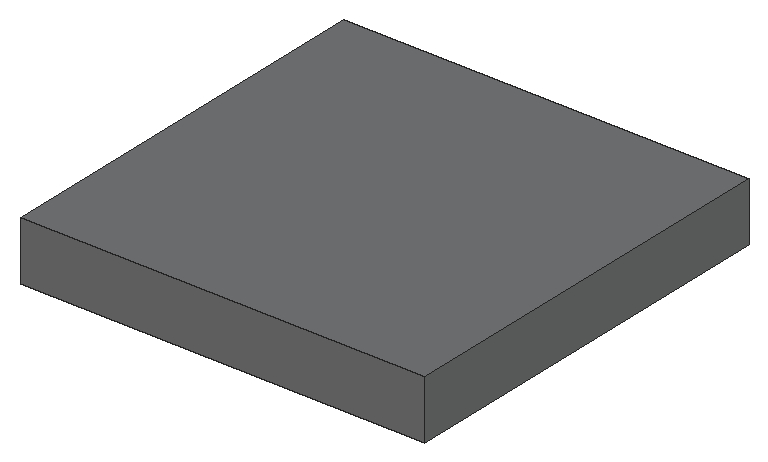
Revit family "Gira_536026", category Electrical Fixtures, host Face, Revit 2017
Family settings
  Host = Face
  Maintain Annotation Orientation = No
  Round Connector Dimension = Use Diameter
  Part Type = Normal
  Cut with Voids When Loaded = No
  Shared = No
  Room Calculation Point = No
Parameters (values of type "S3000 Bedienaufs. System 55 F Alu")
  Werkstoffgüte = "sonstige"
  Werkstoff = "sonstige"
  URL = "http://katalog.gira.de/de_DE/datenblatt.html?artikelnr=536026"
  Transparent = "No"
  Region = "DE"
  Oberfläche = "sonstige"
  Name = "S3000 Bedienaufs. System 55 F Alu"
  Mit LED-Anzeige = "No"
  Mit Abdeckung = "Yes"
  Manufacturer URL = "https://www.gira.de/"
  Keynote = "Sys55_Abdeckung_Schalten und Tasten"
  HeinzeBIM = "https://bimportal.heinze.de/bim/s3000-bedienaufs-system-55-f-alu/fbb5f01cd490e9a3fc4118084923bdf1e388a0b2"
  Halogenfrei = "Yes"
  HAN = "536026"
  Geeignet für Schalteinsatz = "No"
  Geeignet für Jalousieeinsatz = "Yes"
  Geeignet für Dimmeinsatz = "No"
  GTIN = "4010337027225"
  Farbe = "aluminium"
  Default Elevation = 1219.2 mm
  Data sheet (1) = "https://katalog.gira.de/de_DE/download.html?artikelnr=536026"
  Category = "Bedienelement intelligent"
  Available = "Yes"
  Ausführung der Oberfläche = "nicht zutreffend"
  Anzahl der Tasten = "1 "
  Anzahl der Betätigungspunkte = "2 "
  Anwendung = "Steuern elektrischer Verbraucher"
  Anthrazit [instance] = Anthrazit
Reference planes
  plane 1 "Center (Front/Back)": y = 0
  plane 2: z = 0
  plane 3 "Center (Left/Right)": x = 0
Forms (mm)
  Extrusion 1, solid, material "Anthrazit" <- "Anthrazit", detail levels fine
    sketch origin (0, 0, 0) x (1, 0, 0) y (0, 1, 0)
      loop
        line (-27.5, 27.5) -> (-27.5, -27.5) -> (27.5, -27.5) -> (27.5, 27.5) -> (-27.5, 27.5)
    from 0 to 8
  Extrusion 2, void
    sketch origin (0, 0, 0) x (1, 0, 0) y (0, 1, 0)
      loop
        line (26, 26) -> (-26, 26) -> (-26, -26) -> (26, -26) -> (26, 26)
    from 0 to 6
  Extrusion 3, solid, material "Anthrazit" <- "Anthrazit", detail levels medium
    sketch origin (0, 0, 0) x (1, 0, 0) y (0, 1, 0)
      loop
        line (-27.5, 27.5) -> (-27.5, -27.5) -> (27.5, -27.5) -> (27.5, 27.5) -> (-27.5, 27.5)
    from 0 to 8
  Extrusion 4, solid, material "Anthrazit" <- "Anthrazit", detail levels medium
    sketch origin (0, 0, 0) x (1, 0, 0) y (0, 1, 0)
      loop
        line (11, -17.5) -> (11, 17.5) -> (-11, 17.5) -> (-11, -17.5) -> (11, -17.5)
    from -6 to 6
  Extrusion 5, solid, material "Anthrazit" <- "Anthrazit", detail levels fine
    sketch origin (0, 0, 0) x (1, 0, 0) y (0, 1, 0)
      loop
        line (11, 17.5) -> (-11, 17.5) -> (-11, 16.5) -> (11, 16.5) -> (11, 17.5)
      loop
        line (-11, -16.5) -> (-11, -17.5) -> (11, -17.5) -> (11, -16.5) -> (-11, -16.5)
    from -4 to 6
  Extrusion 6, solid, material "Anthrazit" <- "Anthrazit", detail levels fine
    sketch origin (0, 0, 0) x (1, 0, 0) y (0, 1, 0)
      loop
        arc (5, 9.347) -> (0, 10.6) -> (-5, 9.347) r 10.6
        line (-5, 9.347) -> (-5, -9.347)
        arc (-5, -9.347) -> (0, -10.6) -> (5, -9.347) r 10.6
        line (5, -9.347) -> (5, 9.347)
    from -6 to 6
  Extrusion 7, solid, material "Anthrazit" <- "Anthrazit", detail levels coarse
    sketch origin (0, 0, 0) x (1, 0, 0) y (0, 1, 0)
      loop
        line (-27.5, 27.5) -> (-27.5, -27.5) -> (27.5, -27.5) -> (27.5, 27.5) -> (-27.5, 27.5)
    from -6 to 8
Cuts and joins
  Extrusion 2 cuts Extrusion 1
Dimensions and locks
  aligned and locked: plane 2 to host face
  aligned and locked: level to host face
